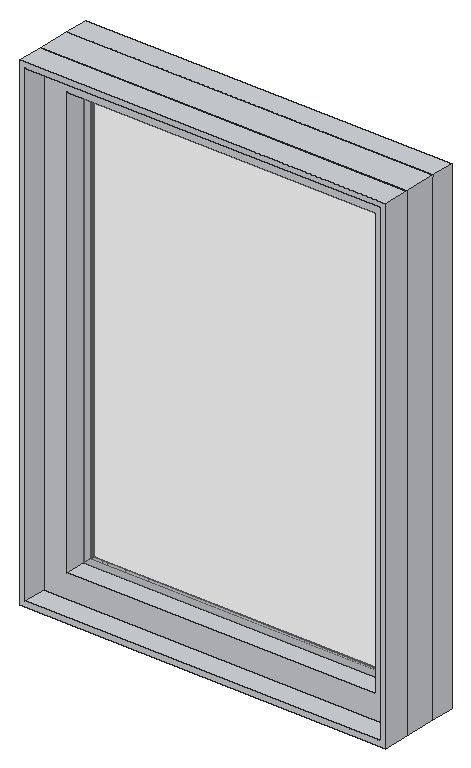
Revit family "G661_Casement_Inswing_Window-Peerless", category Windows, host Wall, Revit 2019
Family settings
  Host = Wall
  OmniClass Number = 23.30.20.00
  OmniClass Title = Windows
  Always vertical = Yes
  Cut with Voids When Loaded = No
  Shared = No
  Room Calculation Point = No
Parameters (values of type "G661 Casement Inswing 36" x 48"")
  Weight (lbs) = (((Height / 1.000") / 12) + ((Width / 1.000") / 12)) * 7  # 49
  Warranty URL = "https://smartbim-library-production.s3.amazonaws.com/manufacturers/cdf3d296-4637-4822-8528-4df1e33802a8/products/91469a85-94f5-45f9-a60f-24c51597249b/downloads/7dff4158-d18c-4702-a036-b93493c65adf/Sample%20Warranty.pdf"
  URL = "https://www.peerlessproducts.com/"
  Rough Width = Width + 0.250"  # 36.250"
  Rough Height = Height + 0.250"  # 48.250"
  Product Page URL = "https://peerlessproducts.concora.com/products/32db646a-2ee0-4a80-8b0d-283a0dd124a3"
  Product Data Sheet URL = "https://www.peerlessproducts.com/Portals/0/PeerlessAssets/pdf/G651-G661Casement.pdf"
  Model = "G661"  # constant formula
  Manufacturer Phone = "620-223-4610"  # constant formula
  Manufacturer Fax = "620-224-3107"  # constant formula
  Manufacturer Email = "slero@peerlessproducts.com"
  Manufacturer Address = "2403 S Main St, Fort Scott, KS 66701"  # constant formula
  Manufacturer = "Peerless Products, Inc"  # constant formula
  Height = 48.000"
  Frame Finish [instance] = none
  Description = "G661 is a compression sealed casement inswing window used most often in historical applications."  # constant formula
  Default Sill Height = 36.000"
  Wall Closure = By host
  Width = 36.000"
  Analytic Construction = "<None>"
  04 CSI = "08 50 00"  # constant formula
Reference planes (in)
  plane 1 "Center (Front/Back)": y = 0
  plane 2: z = 0
  plane 3 "Center (Left/Right)": x = 0
  plane 4 "Left": x = -18
  plane 5 "Right": x = 18
  plane 6 "Sill": z = 36
  plane 7 "Top": z = 84
Forms (in)
  Sweep 1, solid, material <- "Frame Finish"
    path origin (0, 0, 0) x (1, 0, 0) y (0, 0, 1)
      loop
        line (-18, 84) -> (-18, 36) -> (18, 36) -> (18, 84) -> (-18, 84)
    profile origin (0, 0, 84) x (0, 0, 1) y (0, -1, 0)
      loop
        line (0, -1.76279) -> (0, 1.48721) -> (-0.48646, 1.48721) -> (-0.48646, 1.76279) -> (-2.79782, 1.76279) -> (-2.79782, -0.23754) -> (-2.04782, -0.23754) -> (-2.04782, -1.23754) -> (-2.92187, -1.23754) -> (-2.92187, -1.27174)
        arc (-2.92187, -1.27174) -> (-2.86986, -1.29981) -> (-2.83372, -1.34657) r 0.14255
        line (-2.83372, -1.34657) -> (-2.79782, -1.34657) -> (-2.79782, -1.48754) -> (-2.04782, -1.48754) -> (-2.04782, -1.76279) -> (-1.79757, -1.76279) -> (-1.79757, -1.68217) -> (-1.62387, -1.68217) -> (-1.62387, -1.76279) -> (0, -1.76279)
  Extrusion 2, solid, material "Glass - Cardinal Glass - Peerless Products"
    sketch origin (0, 0, 0) x (1, 0, 0) y (0, 0, 1)
      loop
        line (-15.23083, 81.23083) -> (-15.23083, 38.76917) -> (15.23083, 38.76917) -> (15.23083, 81.23083) -> (-15.23083, 81.23083)
    from -1.23754 to -0.23754
  Sweep 3, solid, material <- "Frame Finish"
    path origin (-18, 1.76279, 84) x (1, 0, 0) y (0, 0, -1)
      loop
        line (36, 48) -> (0, 48) -> (0, 0) -> (36, 0) -> (36, 48)
    profile origin (0, 1.76279, 36) x (0, 0, 1) y (0, 1, 0)
      loop
        line (0, 0) -> (0.403, 0) -> (0.24656, 2.23721) -> (0, 2.23721) -> (0, 0)
  Sweep 4, solid, material <- "Frame Finish"
    path origin (-17.51354, -1.48721, 83.51354) x (1, 0, 0) y (0, 0, 1)
      loop
        line (-0.48646, -47.51354) -> (35.51354, -47.51354) -> (35.51354, 0.48646) -> (-0.48646, 0.48646) -> (-0.48646, -47.51354)
    profile origin (0, -1.48721, 36) x (0, 0, 1) y (0, -1, 0)
      loop
        line (0.48646, 0) -> (0.48646, 2.51279) -> (0, 2.51279) -> (0, 0) -> (0.48646, 0)
Lines and regions (in)
  Opening 1
    outline origin (-60, -4, 0) x (1, 0, 0) y (0, 0, 1)
      loop
        line (42, 84) -> (42, 36) -> (78, 36) -> (78, 84) -> (42, 84)
Text (in)
  text "EXTERIOR" at (-58.6888, 50.90694, 0), in view "Ref. Level"
  text "INTERIOR" at (-58.6888, -37.76638, 0), in view "Ref. Level"
  text "Exterior" at (0, 43.65631, 123.19604), in view "Left"
  text "Exterior" at (0, 18.29385, 125.04747), in view "Right"
Dimensions and locks (in)
  equal spacing: plane 4 "Left", plane 3 "Center (Left/Right)", plane 5 "Right"
  "Width": plane 4 "Left" to plane 5 "Right"
  "Height": plane 6 "Sill" to plane 7 "Top"
  "Default Sill Height": plane 2 to plane 6 "Sill"
  aligned and locked: plane 7 "Top" to Opening 1 sketch curve
  aligned and locked: plane 6 "Sill" to Opening 1 sketch curve  (x2)
  aligned and locked: plane 5 "Right" to Opening 1 sketch curve
  aligned and locked: plane 4 "Left" to Opening 1 sketch curve
  aligned and locked: level to plane 2
  aligned and locked: Extrusion 2 to Sweep 1
  aligned and locked: Sweep 3 sketch curve to Sweep 1
  aligned and locked: Sweep 1 to Sweep 3 sketch curve
  aligned and locked: Sweep 3 sketch curve to host wall
  aligned and locked: Sweep 4 sketch curve to Sweep 1
  aligned and locked: Sweep 4 sketch curve to host wall
  aligned and locked: host wall to Sweep 4 sketch curve
  aligned and locked: Sweep 4 sketch curve to profile plane
Automatic sketch dimensions
  plane 5 "Right" to Sweep 1 sketch curve = 0.000"
  Sweep 1 sketch curve to plane 6 "Sill" = 0.000"
  Sweep 1 sketch curve to plane 7 "Top" = 0.000"
  plane 4 "Left" to Sweep 1 sketch curve = 0.000"
  profile plane to Sweep 1 sketch curve = 0.000"
  profile plane to Sweep 1 sketch curve = 0.48646"
  profile plane to Sweep 1 sketch curve = 2.04782"
  Sweep 1 sketch curve to Sweep 1 sketch curve = 0.750"  (x2)
  Sweep 1 sketch curve to Sweep 1 sketch curve = 0.0359"
  Sweep 1 sketch curve to Sweep 1 sketch curve = 0.27525"
  Sweep 1 sketch curve to Sweep 1 sketch curve = 0.07906"
  Sweep 1 sketch curve to Sweep 1 sketch curve = 0.14097"
  Sweep 1 sketch curve to plane 1 "Center (Front/Back)" = 0.23754"
  plane 1 "Center (Front/Back)" to Sweep 1 sketch curve = 1.48721"
  plane 1 "Center (Front/Back)" to Sweep 1 sketch curve = 1.76279"
  Sweep 1 sketch curve to Sweep 1 sketch curve = 0.04025"
  Sweep 1 sketch curve to Sweep 1 sketch curve = 0.08815"
  Sweep 1 sketch curve to Sweep 1 sketch curve = 0.0342"
  Sweep 1 sketch curve to Sweep 1 sketch curve = 0.000"  (x2)
  Sweep 1 sketch curve to Sweep 1 sketch curve = 1.0342"
  Extrusion 2 sketch curve to plane 4 "Left" = 2.76917"
  plane 7 "Top" to Extrusion 2 sketch curve = 2.76917"
  Extrusion 2 sketch curve to plane 6 "Sill" = 2.76917"
  plane 5 "Right" to Extrusion 2 sketch curve = 2.76917"
  Sweep 1 sketch curve to Sweep 1 sketch curve = 0.25025"
  Sweep 1 sketch curve to Sweep 1 sketch curve = 0.08062"
  Sweep 1 sketch curve to Sweep 1 sketch curve = 0.1737"
  Sweep 3 sketch curve to Sweep 1 = 0.000"  (x3)
  Sweep 1 to Sweep 3 sketch curve = 0.000"
  Sweep 3 sketch curve to profile plane = 0.403"
  Sweep 3 sketch curve to profile plane = 0.24656"
  Sweep 4 sketch curve to Sweep 1 = 0.000"  (x4)
